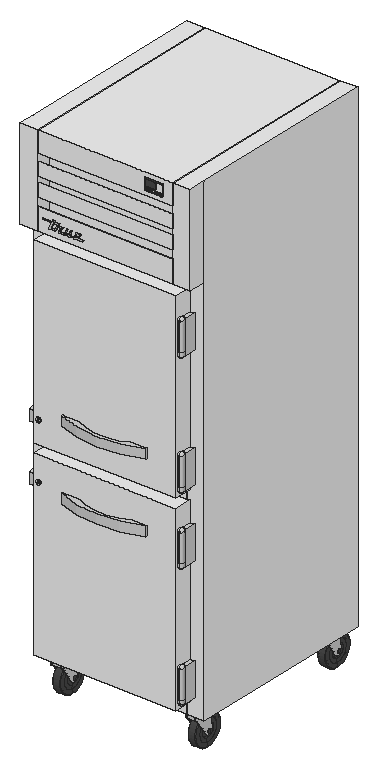
Revit family
Parameters
  Weight in Pounds = 0
  Watts = 1500 W
  Volts = 208 V
  URL Cutsheet = "www.truemfg.com"
  URL = "www.truemfg.com"
  Type Mark [instance] = ""
  Type Comments = ""
  Status [instance] = ""
  Specification by User [instance] = ""
  Specification by Manufacturer = ""
  Show Seismic Flanged [instance] = no
  Show Logo [instance] = yes
  Show Legs [instance] = no
  Show Clearance [instance] = yes
  Serial Number = ""
  Seismic Rating = ""
  Seismic Plate [instance] = and(Show Seismic Flanged, not(Show Casters))  # no
  SMACNA No = ""
  Revision Code [instance] = ""
  Phase = 1
  Omniclass Number and Title = ""
  Number of Poles [instance] = 1
  NAFEM Spec ID Number = ""
  Model = "STA1H-2HS"
  Min Ckt Ampacity = 0 A
  Max Overcurrent Protection = 0 A
  Masterspec = ""
  Manufacturer = "TRUE FOOD SERVICE EQUIPMENT, INC."
  Length = 27 1/2"
  Legs [instance] = or(Show Legs, Show Seismic Flanged)  # no
  Item Number [instance] = ""
  Installed By [instance] = ""
  Identify Quantity as Lot [instance] = yes
  Height = 77 3/4"
  HP = ""
  Furnished By [instance] = ""
  Foodservice Equipment Identifier [instance] = yes
  FL Amps = Watts / Volts  # 7.21154 A
  Electrical Remarks [instance] = ""
  Electric Connection Type [instance] = ""
  Elec Conn RI Height [instance] = 0"
  Elec Conn Connection Height [instance] = 0"
  Description = "Reach-in Solid Half Swing Door Heated Cabinet"
  Depth = 33 3/4"
  Cycle = 60 Hz
  Conn Plug = "6-15P"
  Conn Conduit = yes
  Show Casters [instance] = and(not(if(Show Legs, Show Legs, Show Legs)), not(if(Show Legs, Show Legs, Show Seismic Flanged)))  # yes
  CSI MasterFormat = ""
  CSI Master Format = ""
  Apparent Power = if(Phase = 3, Volts * FL Amps * 1.73, Volts * FL Amps)  # 1500 VA
Reference planes (in)
  plane 1 "BACK": y = 0
  plane 2: z = 0
  plane 3 "LEFT": x = 0
  plane 4 "RIGHT": x = 27.5
  plane 5 "FRONT": y = -33.75
  plane 6 "TOP": z = 84.125
  plane 7: z = 6.125
  plane 8: x = 2.84375
  plane 9: y = -33.7042
Forms (in)
  Extrusion 1, solid, material "QF_Finishes_Chrome - Satin"
    sketch origin (0.05, 0, 0) x (1, 0, 0) y (0, 1, 0)
      loop
        line (-0.05, 0) -> (-0.05, -31) -> (2.87859, -31) -> (2.87859, 0) -> (-0.05, 0)
    from 6.125 to 84.125
  Extrusion 2, solid, material "QF_Finishes_Chrome - Satin"
    sketch origin (50.15, 0, 0) x (1, 0, 0) y (0, 1, 0)
      loop
        line (-25.44375, 0) -> (-25.44375, -31) -> (-22.65, -31) -> (-22.65, 0) -> (-25.44375, 0)
    from 6.125 to 84.125
  Extrusion 3, solid, material "QF_Finishes_Chrome - Satin"
    sketch origin (0, 0, 0) x (0, 1, 0) y (0, 0, 1)
      loop
        line (-33.7042, 69.5) -> (-31, 69.5) -> (-31, 6.125) -> (0, 6.125) -> (0, 84.125) -> (-33.7042, 84.125) -> (-33.7042, 80.78078) -> (-31.5, 79.21352) -> (-31.5, 78.09125) -> (-33.7042, 79.65851) -> (-33.7042, 77.5248) -> (-31.5, 75.95754) -> (-31.5, 74.99678) -> (-33.7042, 76.56404) -> (-33.7042, 74.46784) -> (-31.5, 72.90057) -> (-31.5, 71.625) -> (-33.7042, 73.19226) -> (-33.7042, 69.5)
    from 2.92859 to 24.70625
  Extrusion 4, solid, material "QF_Finishes_Chrome - Satin"
    sketch origin (0, 0, 0) x (1, 0, 0) y (0, 1, 0)
      loop
        line (27.45312, -31) -> (24.70625, -31) -> (24.70625, -33.75) -> (27.45312, -33.75) -> (27.45312, -31)
    from 69.5 to 84.125
  Extrusion 5, solid, material "QF_Finishes_Chrome - Satin"
    sketch origin (-50.125, 0, 0.25) x (1, 0, 0) y (0, 1, 0)
      loop
        line (53.05359, -31) -> (50.17188, -31) -> (50.17188, -33.75) -> (53.05359, -33.75) -> (53.05359, -31)
    from 69.25 to 83.875
  Extrusion 6, solid, material "QF_Finishes_Chrome - Satin"
    sketch origin (-24.96875, 0, -0.71875) x (1, 0, 0) y (0, 0, 1)
      loop
        line (27.25, 8.75) -> (50.1875, 8.75) -> (50.1875, 37.96875) -> (27.25, 37.96875) -> (27.25, 8.75)
      loop
        line (27.25, 68.6875) -> (27.25, 39.46875) -> (50.1875, 39.46875) -> (50.1875, 68.6875) -> (27.25, 68.6875)
    from 31 to 33.75
  Extrusion 7, solid, material "QF_Finishes_Handrails and Railings"
    sketch origin (60.825, -0.25, 31.96644) x (1, 0, 0) y (0, 1, 0)
      loop
        line (-53.875, -33.5) -> (-53.875, -33.7)
        arc (-53.875, -33.7) -> (-47.075, -35.14405) -> (-40.275, -33.7) r 16.7325
        line (-40.275, -33.7) -> (-40.275, -33.5) -> (-42.675, -33.5)
        arc (-42.675, -33.5) -> (-47.075, -34.65816) -> (-51.475, -33.5) r 8.93715
        line (-51.475, -33.5) -> (-53.875, -33.5)
    from 10.87731 to 12.37731
  Extrusion 8, solid, material "QF_Finishes_Handrails and Railings"
    sketch origin (-23.375, 0, 2.25) x (1, 0, 0) y (0, 0, 1)
      loop
        circle (26.4375, 40.0625) r 0.35
      loop
        line (26.47265, 40.33635) -> (26.41715, 40.33635) -> (26.41715, 39.76895) -> (26.47265, 39.76895) -> (26.47265, 40.33635)
    from 33.5 to 33.83066
  Extrusion 9, solid, material "QF_Finishes_Handrails and Railings", visible <- "Show Logo"
    sketch origin (0.33478, 1.08173, -6.73143) x (1, 0, 0) y (0, 0, 1)
      loop
        line (3.46044, 78.46231) -> (3.35478, 78.23573) -> (4.76027, 78.23573)
        arc (4.76027, 78.23573) -> (4.78879, 78.18528) -> (4.76027, 78.13484) r 0.05887
        line (4.76027, 78.13484) -> (4.39369, 77.34872)
        arc (4.39369, 77.34872) -> (4.39051, 77.27591) -> (4.43975, 77.22217) r 0.09523
        line (4.43975, 77.22217) -> (5.33844, 77.22217)
        arc (5.33844, 77.22217) -> (5.45192, 77.25795) -> (5.52436, 77.35235) r 0.19785
        line (5.52436, 77.35235) -> (5.81285, 77.97101) -> (6.0779, 77.97101)
        arc (6.0779, 77.97101) -> (6.14744, 77.94543) -> (6.13737, 77.87203) r 0.05911
        line (6.13737, 77.87203) -> (5.89598, 77.35437)
        arc (5.89598, 77.35437) -> (5.89974, 77.2684) -> (5.97231, 77.22217) r 0.09318
        line (5.97231, 77.22217) -> (6.76198, 77.22217)
        arc (6.76198, 77.22217) -> (6.82249, 77.24419) -> (6.85468, 77.29995) r 0.09412
        arc (6.85468, 77.29995) -> (6.87746, 77.24495) -> (6.93246, 77.22217) r 0.07778
        line (6.93246, 77.22217) -> (7.43246, 77.22217)
        arc (7.43246, 77.22217) -> (7.49022, 77.23765) -> (7.53251, 77.27993) r 0.11552
        arc (7.53251, 77.27993) -> (7.55275, 77.23106) -> (7.60162, 77.21081) r 0.06912
        line (7.60162, 77.21081) -> (8.31225, 77.21081)
        arc (8.31225, 77.21081) -> (8.37034, 77.23488) -> (8.39441, 77.29297) r 0.08216
        arc (8.39441, 77.29297) -> (8.44767, 77.23972) -> (8.52042, 77.22022) r 0.14551
        line (8.52042, 77.22022) -> (9.85158, 77.22022) -> (9.99946, 77.47634) -> (8.65678, 77.47634)
        arc (8.65678, 77.47634) -> (8.61972, 77.50204) -> (8.61834, 77.54711) r 0.05009
        line (8.61834, 77.54711) -> (8.64157, 77.59692)
        arc (8.64157, 77.59692) -> (8.67723, 77.64364) -> (8.73327, 77.66135) r 0.09747
        line (8.73327, 77.66135) -> (9.16485, 77.66135)
        arc (9.16485, 77.66135) -> (9.258, 77.68631) -> (9.32619, 77.7545) r 0.1863
        line (9.32619, 77.7545) -> (9.45119, 77.97101)
        arc (9.45119, 77.97101) -> (9.45119, 78.08657) -> (9.35111, 78.14434) r 0.11556
        line (9.35111, 78.14434) -> (8.89562, 78.14434)
        arc (8.89562, 78.14434) -> (8.7795, 78.12462) -> (8.69849, 78.03912) r 0.18605
        line (8.69849, 78.03912) -> (8.48204, 77.57493)
        arc (8.48204, 77.57493) -> (8.41815, 77.49167) -> (8.31806, 77.46011) r 0.1745
        line (8.31806, 77.46011) -> (7.84559, 77.46011)
        arc (7.84559, 77.46011) -> (7.78903, 77.52184) -> (7.79268, 77.60548) r 0.10939
        line (7.79268, 77.60548) -> (8.04395, 78.14434) -> (7.88403, 78.14434) -> (7.61781, 77.57344)
        arc (7.61781, 77.57344) -> (7.56609, 77.50603) -> (7.48505, 77.48048) r 0.14128
        line (7.48505, 77.48048) -> (7.15925, 77.48048)
        arc (7.15925, 77.48048) -> (7.10419, 77.55223) -> (7.116, 77.64189) r 0.11816
        line (7.116, 77.64189) -> (7.3503, 78.14434) -> (7.18514, 78.14434) -> (6.91546, 77.566)
        arc (6.91546, 77.566) -> (6.85285, 77.50339) -> (6.76733, 77.48048) r 0.17104
        line (6.76733, 77.48048) -> (6.29555, 77.48048)
        arc (6.29555, 77.48048) -> (6.21082, 77.51999) -> (6.20267, 77.61313) r 0.0935
        line (6.20267, 77.61313) -> (6.35774, 77.94569) -> (6.57695, 77.94569)
        arc (6.57695, 77.94569) -> (6.61395, 78.05717) -> (6.69267, 78.14434) r 0.2857
        line (6.69267, 78.14434) -> (5.83605, 78.14434)
        arc (5.83605, 78.14434) -> (5.74086, 78.12324) -> (5.67498, 78.05135) r 0.16212
        line (5.67498, 78.05135) -> (5.44279, 77.55341)
        arc (5.44279, 77.55341) -> (5.3894, 77.50002) -> (5.31647, 77.48048) r 0.14586
        line (5.31647, 77.48048) -> (4.80506, 77.48048)
        arc (4.80506, 77.48048) -> (4.76514, 77.53442) -> (4.77274, 77.60109) r 0.09155
        line (4.77274, 77.60109) -> (5.11018, 78.23573) -> (5.96155, 78.23573) -> (6.06721, 78.46231) -> (5.21584, 78.46231) -> (5.32149, 78.68888) -> (5.01862, 78.68888) -> (4.91297, 78.46231) -> (3.46044, 78.46231)
      loop
        arc (8.83805, 77.93863) -> (8.80119, 77.92875) -> (8.7742, 77.90176) r 0.07373
        line (8.7742, 77.90176) -> (8.75229, 77.83436)
        arc (8.75229, 77.83436) -> (8.76245, 77.80983) -> (8.78699, 77.79966) r 0.0347
        line (8.78699, 77.79966) -> (9.15948, 77.79966)
        arc (9.15948, 77.79966) -> (9.18632, 77.80561) -> (9.20812, 77.82234) r 0.0635
        line (9.20812, 77.82234) -> (9.22624, 77.90622)
        arc (9.22624, 77.90622) -> (9.22091, 77.92868) -> (9.20009, 77.93863) r 0.02676
        line (9.20009, 77.93863) -> (8.83805, 77.93863)
    from 34.76797 to 34.83173
  Extrusion 10, solid, material "QF_Finishes_White"
    sketch origin (-23.16691, 1.06376, 1.58022) x (1, 0, 0) y (0, 0, 1)
      loop
        line (43.31732, 81.73227) -> (43.31732, 79.98496) -> (46.22357, 79.98496) -> (46.22357, 81.73227) -> (43.31732, 81.73227)
    from 34.75 to 34.76797
  Extrusion 11, solid, material "QF_Finishes_Black"
    sketch origin (-23.16691, 1.06376, 1.58022) x (1, 0, 0) y (0, 0, 1)
      loop
        line (46.28607, 81.79477) -> (43.25482, 81.79477) -> (43.25482, 79.92246) -> (46.28607, 79.92246) -> (46.28607, 81.79477)
      loop
        spline (43.45482, 80.25372) -> (43.46333, 80.23754) -> (43.48831, 80.22247) -> (43.52804, 80.20952) -> (43.57982, 80.19959) -> (43.64011, 80.19335) -> (43.70482, 80.19122) -> (43.76952, 80.19335) -> (43.82982, 80.19959) -> (43.88159, 80.20952) -> (43.92132, 80.22247) -> (43.9463, 80.23754) -> (43.95482, 80.25372)
        spline (43.95482, 80.25372) -> (43.9463, 80.26989) -> (43.92132, 80.28497) -> (43.88159, 80.29791) -> (43.82982, 80.30784) -> (43.76952, 80.31409) -> (43.70482, 80.31622) -> (43.64011, 80.31409) -> (43.57982, 80.30784) -> (43.52804, 80.29791) -> (43.48831, 80.28497) -> (43.46333, 80.26989) -> (43.45482, 80.25372)
      loop
        spline (44.15083, 80.25372) -> (44.15935, 80.23754) -> (44.18432, 80.22247) -> (44.22405, 80.20952) -> (44.27583, 80.19959) -> (44.33612, 80.19335) -> (44.40083, 80.19122) -> (44.46553, 80.19335) -> (44.52583, 80.19959) -> (44.57761, 80.20952) -> (44.61734, 80.22247) -> (44.64231, 80.23754) -> (44.65083, 80.25372)
        spline (44.65083, 80.25372) -> (44.64231, 80.26989) -> (44.61734, 80.28497) -> (44.57761, 80.29791) -> (44.52583, 80.30784) -> (44.46553, 80.31409) -> (44.40083, 80.31622) -> (44.33612, 80.31409) -> (44.27583, 80.30784) -> (44.22405, 80.29791) -> (44.18432, 80.28497) -> (44.15935, 80.26989) -> (44.15083, 80.25372)
      loop
        spline (44.90083, 80.25372) -> (44.90935, 80.23754) -> (44.93432, 80.22247) -> (44.97405, 80.20952) -> (45.02583, 80.19959) -> (45.08612, 80.19335) -> (45.15083, 80.19122) -> (45.21553, 80.19335) -> (45.27583, 80.19959) -> (45.32761, 80.20952) -> (45.36734, 80.22247) -> (45.39231, 80.23754) -> (45.40083, 80.25372)
        spline (45.40083, 80.25372) -> (45.39231, 80.26989) -> (45.36734, 80.28497) -> (45.32761, 80.29791) -> (45.27583, 80.30784) -> (45.21553, 80.31409) -> (45.15083, 80.31622) -> (45.08612, 80.31409) -> (45.02583, 80.30784) -> (44.97405, 80.29791) -> (44.93432, 80.28497) -> (44.90935, 80.26989) -> (44.90083, 80.25372)
      loop
        line (43.45481, 81.59478) -> (43.45481, 80.59478) -> (45.15433, 80.59478) -> (45.15433, 81.59478) -> (43.45481, 81.59478)
      loop
        line (46.22357, 81.73227) -> (43.31732, 81.73227) -> (43.31732, 79.98496) -> (46.22357, 79.98496) -> (46.22357, 81.73227)
      loop
        spline (45.65083, 80.25372) -> (45.65935, 80.23754) -> (45.68432, 80.22247) -> (45.72405, 80.20952) -> (45.77583, 80.19959) -> (45.83612, 80.19335) -> (45.90083, 80.19122) -> (45.96553, 80.19335) -> (46.02583, 80.19959) -> (46.07761, 80.20952) -> (46.11734, 80.22247) -> (46.14231, 80.23754) -> (46.15083, 80.25372)
        spline (46.15083, 80.25372) -> (46.14231, 80.26989) -> (46.11734, 80.28497) -> (46.07761, 80.29791) -> (46.02583, 80.30784) -> (45.96553, 80.31409) -> (45.90083, 80.31622) -> (45.83612, 80.31409) -> (45.77583, 80.30784) -> (45.72405, 80.29791) -> (45.68432, 80.28497) -> (45.65935, 80.26989) -> (45.65083, 80.25372)
    from 34.76797 to 34.80335
  Extrusion 12, solid
    sketch origin (-25.125, 0, 0) x (1, 0, 0) y (0, 0, 1)
      loop
        circle (49.375, 82) r 0.25
    from 0 to 0.0625
  Blend 13, solid, material "QF_Finishes_Handrails and Railings"
    base sketch origin (27.53125, 0, 4.25) x (-1, 0, 0) y (0, 0, -1)
      loop
        line (25.25, -38.99169) -> (26, -38.99169) -> (26, -37.24169) -> (25.25, -37.24169) -> (25.25, -38.99169)
    top sketch origin (27.53125, 0, 4.25) x (-1, 0, 0) y (0, 0, -1)
      loop
        line (26.18223, -36.6441) -> (25.25, -36.6441) -> (25.25, -39.42643) -> (26.18223, -39.42643) -> (26.18223, -36.6441)
    from 33.57883 to 31
  Extrusion 14, solid, material "QF_Finishes_Handrails and Railings"
    sketch origin (26.1875, 0, 0) x (0, 1, 0) y (0, 0, -1)
      loop
        line (-31, -64.55229) -> (-31, -59.23627) -> (-33.25, -59.23627) -> (-33.25, -59.94848) -> (-32.81497, -59.94848) -> (-32.81497, -64.34776)
        arc (-32.81497, -64.34776) -> (-32.75506, -64.49238) -> (-32.61044, -64.55229) r 0.20453
        line (-32.61044, -64.55229) -> (-31, -64.55229)
    from 0.17506 to 1
  Revolve 15, solid, material "QF_Finishes_Handrails and Railings"
    sketch origin (25.6875, 0, 0) x (0, 1, 0) y (0, 0, -1)
      loop
        line (-33.26563, -60.00189) -> (-33.67229, -60.00189) -> (-33.67229, -64.4736)
        arc (-33.67229, -64.4736) -> (-33.53722, -64.72557) -> (-33.26563, -64.81483) r 0.3848
        line (-33.26563, -64.81483) -> (-33.26563, -60.00189)
      loop
        line (-33.26563, -59.94848) -> (-33.26563, -59.04781)
        arc (-33.26563, -59.04781) -> (-33.53264, -59.13383) -> (-33.67229, -59.37712) r 0.38884
        line (-33.67229, -59.37712) -> (-33.67229, -59.94848) -> (-33.26563, -59.94848)
      axis (-33.26563, -59.04781) -> (-33.26563, -64.81483)
    angle from 0 to 360
  Extrusion 16, solid, material "QF_Finishes_Handrails and Railings"
    sketch origin (27.5, 0, 0) x (-1, 0, 0) y (0, 0, -1)
      loop
        line (1.91491, -64.4736) -> (2.3125, -64.4736) -> (2.3125, -60.00079) -> (1.91491, -60.00079) -> (1.91491, -64.4736)
    from 32.81497 to 33.59495
  Extrusion 17, solid, material "QF_Finishes_Handrails and Railings"
    sketch origin (26.1875, 0, -19.5) x (0, 1, 0) y (0, 0, -1)
      loop
        line (-31, -64.55229) -> (-31, -59.23627) -> (-33.25, -59.23627) -> (-33.25, -59.94848) -> (-32.81497, -59.94848) -> (-32.81497, -64.34776)
        arc (-32.81497, -64.34776) -> (-32.75506, -64.49238) -> (-32.61044, -64.55229) r 0.20453
        line (-32.61044, -64.55229) -> (-31, -64.55229)
    from 0.17506 to 1
  Revolve 18, solid, material "QF_Finishes_Handrails and Railings"
    sketch origin (25.6875, 0, -19.5) x (0, 1, 0) y (0, 0, -1)
      loop
        line (-33.26563, -60.00189) -> (-33.67229, -60.00189) -> (-33.67229, -64.4736)
        arc (-33.67229, -64.4736) -> (-33.53722, -64.72557) -> (-33.26563, -64.81483) r 0.3848
        line (-33.26563, -64.81483) -> (-33.26563, -60.00189)
      loop
        line (-33.26563, -59.94848) -> (-33.26563, -59.04781)
        arc (-33.26563, -59.04781) -> (-33.53264, -59.13383) -> (-33.67229, -59.37712) r 0.38884
        line (-33.67229, -59.37712) -> (-33.67229, -59.94848) -> (-33.26563, -59.94848)
      axis (-33.26563, -59.04781) -> (-33.26563, -64.81483)
    angle from 0 to 360
  Extrusion 19, solid, material "QF_Finishes_Handrails and Railings"
    sketch origin (27.5, 0, -19.5) x (-1, 0, 0) y (0, 0, -1)
      loop
        line (1.91491, -64.4736) -> (2.3125, -64.4736) -> (2.3125, -60.00079) -> (1.91491, -60.00079) -> (1.91491, -64.4736)
    from 32.81497 to 33.59495
  Extrusion 20, solid, material "QF_Finishes_Handrails and Railings"
    sketch origin (26.1875, 0, -30.5) x (0, 1, 0) y (0, 0, -1)
      loop
        line (-31, -64.55229) -> (-31, -59.23627) -> (-33.25, -59.23627) -> (-33.25, -59.94848) -> (-32.81497, -59.94848) -> (-32.81497, -64.34776)
        arc (-32.81497, -64.34776) -> (-32.75506, -64.49238) -> (-32.61044, -64.55229) r 0.20453
        line (-32.61044, -64.55229) -> (-31, -64.55229)
    from 0.17506 to 1
  Revolve 21, solid, material "QF_Finishes_Handrails and Railings"
    sketch origin (25.6875, 0, -30.5) x (0, 1, 0) y (0, 0, -1)
      loop
        line (-33.26563, -60.00189) -> (-33.67229, -60.00189) -> (-33.67229, -64.4736)
        arc (-33.67229, -64.4736) -> (-33.53722, -64.72557) -> (-33.26563, -64.81483) r 0.3848
        line (-33.26563, -64.81483) -> (-33.26563, -60.00189)
      loop
        line (-33.26563, -59.94848) -> (-33.26563, -59.04781)
        arc (-33.26563, -59.04781) -> (-33.53264, -59.13383) -> (-33.67229, -59.37712) r 0.38884
        line (-33.67229, -59.37712) -> (-33.67229, -59.94848) -> (-33.26563, -59.94848)
      axis (-33.26563, -59.04781) -> (-33.26563, -64.81483)
    angle from 0 to 360
  Extrusion 22, solid, material "QF_Finishes_Handrails and Railings"
    sketch origin (27.5, 0, -30.5) x (-1, 0, 0) y (0, 0, -1)
      loop
        line (1.91491, -64.4736) -> (2.3125, -64.4736) -> (2.3125, -60.00079) -> (1.91491, -60.00079) -> (1.91491, -64.4736)
    from 32.81497 to 33.59495
  Extrusion 23, solid, material "QF_Finishes_Handrails and Railings"
    sketch origin (26.1875, 0, -50.25) x (0, 1, 0) y (0, 0, -1)
      loop
        line (-31, -64.55229) -> (-31, -59.23627) -> (-33.25, -59.23627) -> (-33.25, -59.94848) -> (-32.81497, -59.94848) -> (-32.81497, -64.34776)
        arc (-32.81497, -64.34776) -> (-32.75506, -64.49238) -> (-32.61044, -64.55229) r 0.20453
        line (-32.61044, -64.55229) -> (-31, -64.55229)
    from 0.17506 to 1
  Revolve 24, solid, material "QF_Finishes_Handrails and Railings"
    sketch origin (25.6875, 0, -50.25) x (0, 1, 0) y (0, 0, -1)
      loop
        line (-33.26563, -60.00189) -> (-33.67229, -60.00189) -> (-33.67229, -64.4736)
        arc (-33.67229, -64.4736) -> (-33.53722, -64.72557) -> (-33.26563, -64.81483) r 0.3848
        line (-33.26563, -64.81483) -> (-33.26563, -60.00189)
      loop
        line (-33.26563, -59.94848) -> (-33.26563, -59.04781)
        arc (-33.26563, -59.04781) -> (-33.53264, -59.13383) -> (-33.67229, -59.37712) r 0.38884
        line (-33.67229, -59.37712) -> (-33.67229, -59.94848) -> (-33.26563, -59.94848)
      axis (-33.26563, -59.04781) -> (-33.26563, -64.81483)
    angle from 0 to 360
  Extrusion 25, solid, material "QF_Finishes_Handrails and Railings"
    sketch origin (27.5, 0, -50.25) x (-1, 0, 0) y (0, 0, -1)
      loop
        line (1.91491, -64.4736) -> (2.3125, -64.4736) -> (2.3125, -60.00079) -> (1.91491, -60.00079) -> (1.91491, -64.4736)
    from 32.81497 to 33.59495
  Revolve 26, solid, material "QF_Finishes_Black", visible <- "Show Casters"
    sketch origin (22.65625, -27.375, 0) x (1, 0, 0) y (0, 0, 1)
      loop
        line (1.475, 5) -> (1.375, 4.9) -> (1.375, 4.29941) -> (1.53601, 4.29941) -> (1.53601, 3.54941) -> (1.375, 3.54941) -> (1.375, 2.79941) -> (0.975, 2.79941) -> (0.975, 2.5) -> (3.025, 2.5) -> (3.025, 2.79941) -> (2.62908, 2.79941) -> (2.62908, 3.54941) -> (2.46399, 3.54941) -> (2.46399, 4.29941) -> (2.62908, 4.29941) -> (2.62908, 4.89592) -> (2.525, 5) -> (1.475, 5)
      axis (3.025, 2.5) -> (0.975, 2.5)
    angle from 0 to 360
  Extrusion 27, solid, material "QF_Finishes_Handrails and Railings", visible <- "Show Casters"
    sketch origin (22.5625, 0, 0) x (0, 1, 0) y (0, 0, 1)
      loop
        line (-29.95136, 5.48574) -> (-29.95136, 4.88089) -> (-29.70136, 4.88089) -> (-27.95216, 2.18736)
        arc (-27.95216, 2.18736) -> (-27.23883, 1.94868) -> (-26.84581, 2.59003) r 0.60416
        line (-26.84581, 2.59003) -> (-27.20136, 5.48574) -> (-29.95136, 5.48574)
      loop
        line (-3.8577, 5.48574) -> (-3.8577, 4.88089) -> (-3.6077, 4.88089) -> (-1.8585, 2.18736)
        arc (-1.8585, 2.18736) -> (-1.14517, 1.94868) -> (-0.75215, 2.59003) r 0.60416
        line (-0.75215, 2.59003) -> (-1.1077, 5.48574) -> (-3.8577, 5.48574)
    from 1.175 to 1.325
  Extrusion 28, solid, material "QF_Finishes_Handrails and Railings", visible <- "Show Casters"
    sketch origin (24.0625, 0, 0) x (0, 1, 0) y (0, 0, 1)
      loop
        line (-29.95136, 5.48574) -> (-29.95136, 4.88089) -> (-29.70136, 4.88089) -> (-27.95216, 2.18736)
        arc (-27.95216, 2.18736) -> (-27.23883, 1.94868) -> (-26.84581, 2.59003) r 0.60416
        line (-26.84581, 2.59003) -> (-27.20136, 5.48574) -> (-29.95136, 5.48574)
      loop
        line (-3.8577, 5.48574) -> (-3.8577, 4.88089) -> (-3.6077, 4.88089) -> (-1.8585, 2.18736)
        arc (-1.8585, 2.18736) -> (-1.14517, 1.94868) -> (-0.75215, 2.59003) r 0.60416
        line (-0.75215, 2.59003) -> (-1.1077, 5.48574) -> (-3.8577, 5.48574)
    from 1.175 to 1.325
  Revolve 29, solid, material "QF_Finishes_Chrome - Satin", visible <- "Show Casters"
    sketch origin (22.65625, -28.5625, -0.5) x (1, 0, 0) y (0, 0, 1)
      loop
        line (2, 5.99546) -> (2, 6.62359) -> (0.70293, 6.62359) -> (0.70293, 5.99546) -> (2, 5.99546)
      axis (2, 5.99546) -> (2, 6.62359)
    angle from 0 to 360
  Revolve 30, solid, material "QF_Finishes_Chrome - Satin", visible <- "Legs"
    sketch origin (22.65625, -2.69102, 0) x (1, 0, 0) y (0, 0, 1)
      loop
        line (2, 6.125) -> (0.66662, 6.125) -> (1.25, 1) -> (1.5, 1) -> (1.5, 0) -> (2, 0) -> (2, 6.125)
      axis (2, 0) -> (2, 6.125)
    angle from 0 to 360
  Revolve 31, solid, material "QF_Finishes_Chrome - Satin", visible <- "Legs"
    sketch origin (22.65625, -28.65977, 0) x (1, 0, 0) y (0, 0, 1)
      loop
        line (2, 6.125) -> (0.66662, 6.125) -> (1.25, 1) -> (1.5, 1) -> (1.5, 0) -> (2, 0) -> (2, 6.125)
      axis (2, 0) -> (2, 6.125)
    angle from 0 to 360
  Revolve 32, solid, material "QF_Finishes_Chrome - Satin", visible <- "Show Casters"
    sketch origin (22.65625, -2.70321, -0.5) x (1, 0, 0) y (0, 0, 1)
      loop
        line (2, 5.99546) -> (2, 6.62359) -> (0.70293, 6.62359) -> (0.70293, 5.99546) -> (2, 5.99546)
      axis (2, 5.99546) -> (2, 6.62359)
    angle from 0 to 360
  Extrusion 33, solid, material "QF_Finishes_Handrails and Railings", visible <- "Show Casters"
    sketch origin (-25.21875, 0, 0) x (0, 1, 0) y (0, 0, 1)
      loop
        line (-29.95136, 5.48574) -> (-29.95136, 4.88089) -> (-29.70136, 4.88089) -> (-27.16533, 5.19227) -> (-27.20136, 5.48574) -> (-29.95136, 5.48574)
      loop
        line (-3.8577, 5.48574) -> (-3.8577, 4.88089) -> (-3.6077, 4.88089) -> (-1.07167, 5.19227) -> (-1.1077, 5.48574) -> (-3.8577, 5.48574)
    from 49.10625 to 50.45625
  Revolve 34, solid, material "QF_Finishes_Black", visible <- "Show Casters"
    sketch origin (22.65625, -1.21875, 0) x (1, 0, 0) y (0, 0, 1)
      loop
        line (1.475, 5) -> (1.375, 4.9) -> (1.375, 4.29941) -> (1.53601, 4.29941) -> (1.53601, 3.54941) -> (1.375, 3.54941) -> (1.375, 2.79941) -> (0.975, 2.79941) -> (0.975, 2.5) -> (3.025, 2.5) -> (3.025, 2.79941) -> (2.62908, 2.79941) -> (2.62908, 3.54941) -> (2.46399, 3.54941) -> (2.46399, 4.29941) -> (2.62908, 4.29941) -> (2.62908, 4.89592) -> (2.525, 5) -> (1.475, 5)
      axis (3.025, 2.5) -> (0.975, 2.5)
    angle from 0 to 360
  Revolve 35, solid, material "QF_Finishes_Black", visible <- "Show Casters"
    sketch origin (0.84375, -27.375, 0) x (1, 0, 0) y (0, 0, 1)
      loop
        line (1.475, 5) -> (1.375, 4.9) -> (1.375, 4.29941) -> (1.53601, 4.29941) -> (1.53601, 3.54941) -> (1.375, 3.54941) -> (1.375, 2.79941) -> (0.975, 2.79941) -> (0.975, 2.5) -> (3.025, 2.5) -> (3.025, 2.79941) -> (2.62908, 2.79941) -> (2.62908, 3.54941) -> (2.46399, 3.54941) -> (2.46399, 4.29941) -> (2.62908, 4.29941) -> (2.62908, 4.89592) -> (2.525, 5) -> (1.475, 5)
      axis (3.025, 2.5) -> (0.975, 2.5)
    angle from 0 to 360
  Extrusion 36, solid, material "QF_Finishes_Handrails and Railings", visible <- "Show Casters"
    sketch origin (0.84375, 0, 0) x (0, 1, 0) y (0, 0, 1)
      loop
        line (-29.95136, 5.48574) -> (-29.95136, 4.88089) -> (-29.70136, 4.88089) -> (-27.95216, 2.18736)
        arc (-27.95216, 2.18736) -> (-27.23883, 1.94868) -> (-26.84581, 2.59003) r 0.60416
        line (-26.84581, 2.59003) -> (-27.20136, 5.48574) -> (-29.95136, 5.48574)
      loop
        line (-3.8577, 5.48574) -> (-3.8577, 4.88089) -> (-3.6077, 4.88089) -> (-1.8585, 2.18736)
        arc (-1.8585, 2.18736) -> (-1.14517, 1.94868) -> (-0.75215, 2.59003) r 0.60416
        line (-0.75215, 2.59003) -> (-1.1077, 5.48574) -> (-3.8577, 5.48574)
    from 1.175 to 1.325
  Extrusion 37, solid, material "QF_Finishes_Handrails and Railings", visible <- "Show Casters"
    sketch origin (2.34375, 0, 0) x (0, 1, 0) y (0, 0, 1)
      loop
        line (-29.95136, 5.48574) -> (-29.95136, 4.88089) -> (-29.70136, 4.88089) -> (-27.95216, 2.18736)
        arc (-27.95216, 2.18736) -> (-27.23883, 1.94868) -> (-26.84581, 2.59003) r 0.60416
        line (-26.84581, 2.59003) -> (-27.20136, 5.48574) -> (-29.95136, 5.48574)
      loop
        line (-3.8577, 5.48574) -> (-3.8577, 4.88089) -> (-3.6077, 4.88089) -> (-1.8585, 2.18736)
        arc (-1.8585, 2.18736) -> (-1.14517, 1.94868) -> (-0.75215, 2.59003) r 0.60416
        line (-0.75215, 2.59003) -> (-1.1077, 5.48574) -> (-3.8577, 5.48574)
    from 1.175 to 1.325
  Revolve 38, solid, material "QF_Finishes_Chrome - Satin", visible <- "Show Casters"
    sketch origin (0.84375, -28.5625, -0.5) x (1, 0, 0) y (0, 0, 1)
      loop
        line (2, 5.99546) -> (2, 6.62359) -> (0.70293, 6.62359) -> (0.70293, 5.99546) -> (2, 5.99546)
      axis (2, 5.99546) -> (2, 6.62359)
    angle from 0 to 360
  Revolve 39, solid, material "QF_Finishes_Chrome - Satin", visible <- "Legs"
    sketch origin (0.84375, -2.69102, 0) x (1, 0, 0) y (0, 0, 1)
      loop
        line (2, 6.125) -> (0.66662, 6.125) -> (1.25, 1) -> (1.5, 1) -> (1.5, 0) -> (2, 0) -> (2, 6.125)
      axis (2, 0) -> (2, 6.125)
    angle from 0 to 360
  Revolve 40, solid, material "QF_Finishes_Chrome - Satin", visible <- "Legs"
    sketch origin (0.84375, -28.65977, 0) x (1, 0, 0) y (0, 0, 1)
      loop
        line (2, 6.125) -> (0.66662, 6.125) -> (1.25, 1) -> (1.5, 1) -> (1.5, 0) -> (2, 0) -> (2, 6.125)
      axis (2, 0) -> (2, 6.125)
    angle from 0 to 360
  Revolve 41, solid, material "QF_Finishes_Chrome - Satin", visible <- "Show Casters"
    sketch origin (0.84375, -2.70321, -0.5) x (1, 0, 0) y (0, 0, 1)
      loop
        line (2, 5.99546) -> (2, 6.62359) -> (0.70293, 6.62359) -> (0.70293, 5.99546) -> (2, 5.99546)
      axis (2, 5.99546) -> (2, 6.62359)
    angle from 0 to 360
  Extrusion 42, solid, material "QF_Finishes_Handrails and Railings", visible <- "Show Casters"
    sketch origin (-46.9375, 0, 0) x (0, 1, 0) y (0, 0, 1)
      loop
        line (-29.95136, 5.48574) -> (-29.95136, 4.88089) -> (-29.70136, 4.88089) -> (-27.16533, 5.19227) -> (-27.20136, 5.48574) -> (-29.95136, 5.48574)
      loop
        line (-3.8577, 5.48574) -> (-3.8577, 4.88089) -> (-3.6077, 4.88089) -> (-1.07167, 5.19227) -> (-1.1077, 5.48574) -> (-3.8577, 5.48574)
    from 49.10625 to 50.45625
  Revolve 43, solid, material "QF_Finishes_Black", visible <- "Show Casters"
    sketch origin (0.84375, -1.21875, 0) x (1, 0, 0) y (0, 0, 1)
      loop
        line (1.475, 5) -> (1.375, 4.9) -> (1.375, 4.29941) -> (1.53601, 4.29941) -> (1.53601, 3.54941) -> (1.375, 3.54941) -> (1.375, 2.79941) -> (0.975, 2.79941) -> (0.975, 2.5) -> (3.025, 2.5) -> (3.025, 2.79941) -> (2.62908, 2.79941) -> (2.62908, 3.54941) -> (2.46399, 3.54941) -> (2.46399, 4.29941) -> (2.62908, 4.29941) -> (2.62908, 4.89592) -> (2.525, 5) -> (1.475, 5)
      axis (3.025, 2.5) -> (0.975, 2.5)
    angle from 0 to 360
  Extrusion 44, solid, material "QF_Finishes_Door Clearance", visible <- "Show Clearance", detail levels coarse
    sketch origin (26.42841, -3.6098, 0) x (1, 0, 0) y (0, 1, 0)
      loop
        line (-1.20966, -30.1402) -> (-24.14716, -30.1402)
        arc (-24.14716, -30.1402) -> (-17.42892, -46.35946) -> (-1.20966, -53.0777) r 22.9375
        line (-1.20966, -53.0777) -> (-1.20966, -30.1402)
    from 38.75 to 67.96875
  Extrusion 45, solid, material "QF_Finishes_Chrome - Satin", visible <- "Seismic Plate"
    sketch origin (-0.22541, -26.96562, 0) x (1, 0, 0) y (0, 1, 0)
      loop
        circle (3.06916, -1.69416) r 1.5
    from 0 to 0.25
  Extrusion 46, solid, material "QF_Finishes_Chrome - Satin", visible <- "Seismic Plate"
    sketch origin (-0.22541, -0.99687, 0) x (1, 0, 0) y (0, 1, 0)
      loop
        circle (3.06916, -1.69416) r 1.5
    from 0 to 0.25
  Extrusion 47, solid, material "QF_Finishes_Chrome - Satin", visible <- "Seismic Plate"
    sketch origin (21.49334, -0.99687, 0) x (1, 0, 0) y (0, 1, 0)
      loop
        circle (3.16291, -1.69416) r 1.5
    from 0 to 0.25
  Extrusion 48, solid, material "QF_Finishes_Chrome - Satin", visible <- "Seismic Plate"
    sketch origin (21.49334, -26.96562, 0) x (1, 0, 0) y (0, 1, 0)
      loop
        circle (3.16291, -1.69416) r 1.5
    from 0 to 0.25
  Extrusion 49, solid, material "QF_Finishes_Handrails and Railings"
    sketch origin (-23.375, 0, 73.375) x (1, 0, 0) y (0, 0, 1)
      loop
        circle (26.4375, -40.0625) r 0.35
      loop
        line (26.47265, -40.33635) -> (26.47265, -39.76895) -> (26.41715, -39.76895) -> (26.41715, -40.33635) -> (26.47265, -40.33635)
    from 33.5 to 33.83066
  Blend 50, solid, material "QF_Finishes_Handrails and Railings"
    base sketch origin (27.53125, 0, 71.375) x (-1, 0, 0) y (0, 0, -1)
      loop
        line (25.25, 38.99169) -> (25.25, 37.24169) -> (26, 37.24169) -> (26, 38.99169) -> (25.25, 38.99169)
    top sketch origin (27.53125, 0, 71.375) x (-1, 0, 0) y (0, 0, -1)
      loop
        line (26.18223, 36.6441) -> (26.18223, 39.42643) -> (25.25, 39.42643) -> (25.25, 36.6441) -> (26.18223, 36.6441)
    from 33.57883 to 31
  Extrusion 51, solid, material "QF_Finishes_Handrails and Railings"
    sketch origin (60.825, -0.25, 20.77894) x (1, 0, 0) y (0, 1, 0)
      loop
        line (-53.875, -33.5) -> (-53.875, -33.7)
        arc (-53.875, -33.7) -> (-47.075, -35.14405) -> (-40.275, -33.7) r 16.7325
        line (-40.275, -33.7) -> (-40.275, -33.5) -> (-42.675, -33.5)
        arc (-42.675, -33.5) -> (-47.075, -34.65816) -> (-51.475, -33.5) r 8.93715
        line (-51.475, -33.5) -> (-53.875, -33.5)
    from 10.87731 to 12.37731
  Extrusion 52, solid, material "QF_Finishes_Door Clearance", visible <- "Show Clearance", detail levels coarse
    sketch origin (26.42841, -3.6098, -30.71875) x (1, 0, 0) y (0, 1, 0)
      loop
        arc (-24.14716, -30.1402) -> (-17.42892, -46.35946) -> (-1.20966, -53.0777) r 22.9375
        line (-1.20966, -53.0777) -> (-1.20966, -30.1402) -> (-24.14716, -30.1402)
    from 38.75 to 67.96875
Cuts and joins
  joined: Extrusion 1, Extrusion 2, Extrusion 4, Extrusion 5
Lines and regions (in)
  symbolic lines
    curve 1: line (0, 0, 0) -> (27.5, 0, 0)
    curve 2: line (0, -33.75, 0) -> (0, 0, 0)
    curve 3: line (27.5, -33.75, 0) -> (0, -33.75, 0)
    curve 4: line (27.5, 0, 0) -> (27.5, -33.75, 0)
    curve 5: line (27.5, -31.5, 0) -> (0, -31.5, 0)
    curve 22: arc (18.20746, -33.75, 0) -> (13.80746, -34.90816, 0) -> (9.40746, -33.75, 0) r 8.93715
    curve 23: arc (7.00746, -33.95, 0) -> (13.80746, -35.39405, 0) -> (20.60746, -33.95, 0) r 16.7325
    curve 24: line (7.00746, -33.75, 0) -> (7.00746, -33.95, 0)
    curve 25: line (20.60746, -33.95, 0) -> (20.60746, -33.75, 0)
  symbolic lines, style "SpecialityEquipmentHiddenLines", visible <- "Show Casters"
    curve 6: line (3.82597, -24.4208, 0) -> (5.12501, -25.1708, 0)
    curve 7: line (1.20097, -28.96743, 0) -> (3.82597, -24.4208, 0)
    curve 8: line (2.50001, -29.71743, 0) -> (1.20097, -28.96743, 0)
    curve 9: line (5.12501, -25.1708, 0) -> (2.50001, -29.71743, 0)
    curve 10: line (3.82597, -0.4208, 0) -> (5.12501, -1.1708, 0)
    curve 11: line (1.20097, -4.96743, 0) -> (3.82597, -0.4208, 0)
    curve 12: line (2.50001, -5.71743, 0) -> (1.20097, -4.96743, 0)
    curve 13: line (5.12501, -1.1708, 0) -> (2.50001, -5.71743, 0)
    curve 14: line (24.73343, -0.4208, 0) -> (26.03247, -1.1708, 0)
    curve 15: line (22.10843, -4.96743, 0) -> (24.73343, -0.4208, 0)
    curve 16: line (23.40747, -5.71743, 0) -> (22.10843, -4.96743, 0)
    curve 17: line (26.03247, -1.1708, 0) -> (23.40747, -5.71743, 0)
    curve 18: line (24.82718, -24.52487, 0) -> (26.12622, -25.27487, 0)
    curve 19: line (22.20218, -29.07151, 0) -> (24.82718, -24.52487, 0)
    curve 20: line (23.50122, -29.82151, 0) -> (22.20218, -29.07151, 0)
    curve 21: line (26.12622, -25.27487, 0) -> (23.50122, -29.82151, 0)
  symbolic lines, style "QF-Door Swings", visible <- "Show Clearance", detail levels coarse
    curve 26: line (25.21875, -33.75, 0) -> (25.21875, -56.6875, 0)
    curve 27: arc (25.21875, -56.6875, 0) -> (8.99949, -49.96926, 0) -> (2.28125, -33.75, 0) r 22.9375
Dimensions and locks (in)
  "Depth": plane 5 "FRONT" to plane 1 "BACK"
  plane 7 to level = 6 1/8"
  plane 6 "TOP" to level = 84 1/8"
  plane 6 "TOP" to plane 7 = 78"
  plane 6 "TOP" to cut or joined group of Extrusion 1, Extrusion 2, Extrusion 4, Extrusion 5 = 14 5/8"
  Extrusion 6 sketch curve to Extrusion 6 sketch curve = 22 15/16"
  Extrusion 6 to plane 1 "BACK" = 33 3/4"
  "Length": plane 3 "LEFT" to plane 4 "RIGHT"
  plane 4 "RIGHT" to plane 3 "LEFT" = 27 1/2"
  locked: Extrusion 6 to Extrusion 52 at 22.9375
  Extrusion 52 to Extrusion 51 = 4 3/32"
  Extrusion 7 to Extrusion 44 = 4 3/32"
  cut or joined group of Extrusion 1, Extrusion 2, Extrusion 4, Extrusion 5 to cut or joined group of Extrusion 1, Extrusion 2, Extrusion 4, Extrusion 5 = 27 13/32"
  aligned and locked: level to plane 2
Automatic sketch dimensions
  plane 1 "BACK" to curve 1 = 0"
  curve 1 to plane 3 "LEFT" = 0"
  plane 5 "FRONT" to curve 27 = 0"
  curve 3 to plane 4 "RIGHT" = 0"
  plane 3 "LEFT" to curve 11 = 1.20097"
  plane 3 "LEFT" to curve 8 = 1.20097"
  curve 27 to plane 8 = 9/16"
  curve 13 to plane 8 = 11/32"
  curve 8 to plane 8 = 11/32"
  plane 1 "BACK" to curve 11 = 0.4208"
  plane 8 to curve 11 = 0.98222"
  plane 8 to curve 7 = 0.98222"
  plane 5 "FRONT" to curve 23 = 0.2"
  plane 8 to curve 23 = 4.16371"
  curve 24 to curve 22 = 2.4"
  plane 8 to curve 23 = 10.96371"
  curve 6 to curve 22 = 8.68246"
  plane 5 "FRONT" to curve 25 = 0.2"
  curve 16 to plane 4 "RIGHT" = 5.39157"
  curve 19 to plane 4 "RIGHT" = 5.29782"
  curve 15 to curve 17 = 1.29904"
  curve 19 to curve 21 = 1.29904"
  plane 1 "BACK" to curve 15 = 0.4208"
  curve 15 to plane 4 "RIGHT" = 2.76657"
  curve 18 to plane 4 "RIGHT" = 2.67282"
  curve 27 to plane 4 "RIGHT" = 2 9/32"
  curve 5 to plane 5 "FRONT" = 2 1/4"
  curve 21 to plane 5 "FRONT" = 3.92849"
  curve 5 to curve 8 = 1.78257"
  curve 20 to curve 20 = 3/4"
  curve 8 to curve 7 = 3/4"
  curve 22 to curve 6 = 0.80021"
  curve 22 to curve 23 = 7.30945"
  curve 12 to curve 10 = 5.29663"
  curve 16 to curve 14 = 5.29663"
  Extrusion 1 sketch curve to plane 3 "LEFT" = 0"
  plane 1 "BACK" to Extrusion 1 sketch curve = 0"
  plane 8 to Extrusion 1 sketch curve = 0.08484"
  Extrusion 1 sketch curve to plane 5 "FRONT" = 2 3/4"
  plane 1 "BACK" to Extrusion 2 sketch curve = 0"
  Extrusion 2 sketch curve to plane 4 "RIGHT" = 0"
  Extrusion 2 sketch curve to plane 4 "RIGHT" = 2.79375"
  Extrusion 2 sketch curve to plane 5 "FRONT" = 2 3/4"
  Extrusion 3 sketch curve to plane 9 = 0"  (x4)
  Extrusion 3 sketch curve to plane 6 "TOP" = 0"
  plane 9 to Extrusion 3 sketch curve = 2.2042"  (x2)
  Extrusion 3 sketch curve to Extrusion 3 sketch curve = 0"
  Extrusion 3 sketch curve to Extrusion 3 sketch curve = 1/2"
  plane 1 "BACK" to Extrusion 3 sketch curve = 0"
  Extrusion 3 sketch curve to plane 6 "TOP" = 3.34422"
  Extrusion 3 sketch curve to Extrusion 3 sketch curve = 1.12227"  (x2)
  Extrusion 3 sketch curve to Extrusion 3 sketch curve = 0.445"
  Extrusion 3 sketch curve to Extrusion 3 sketch curve = 2.13371"  (x2)
  Extrusion 3 sketch curve to Extrusion 3 sketch curve = 0.96076"  (x2)
  Extrusion 3 sketch curve to Extrusion 3 sketch curve = 2.0962"  (x2)
  Extrusion 3 sketch curve to Extrusion 3 sketch curve = 1.27557"  (x2)
  Extrusion 3 sketch curve to Extrusion 3 sketch curve = 2 1/8"
  Extrusion 3 sketch curve to plane 7 = 0"
  plane 5 "FRONT" to Extrusion 4 sketch curve = 0"
  Extrusion 4 sketch curve to plane 4 "RIGHT" = 2.79375"
  Extrusion 4 sketch curve to plane 4 "RIGHT" = 3/64"
  Extrusion 4 sketch curve to plane 5 "FRONT" = 2 3/4"
  plane 5 "FRONT" to Extrusion 5 sketch curve = 0"
  plane 3 "LEFT" to Extrusion 5 sketch curve = 3/64"
  plane 8 to Extrusion 5 sketch curve = 0.08484"
  Extrusion 5 sketch curve to plane 5 "FRONT" = 2 3/4"
  plane 5 "FRONT" to Extrusion 7 sketch curve = 0"  (x2)
  plane 8 to Extrusion 7 sketch curve = 4.10625"
  Extrusion 7 sketch curve to Extrusion 7 sketch curve = 2.4"  (x2)
  plane 8 to Extrusion 7 sketch curve = 10 29/32"
  Extrusion 7 sketch curve to Extrusion 7 sketch curve = 0"
  Extrusion 7 sketch curve to Extrusion 7 sketch curve = 0.2"
  Extrusion 7 sketch curve to plane 5 "FRONT" = 7.77899"
  Extrusion 7 sketch curve to Extrusion 7 sketch curve = 7.30945"
  plane 8 to Extrusion 8 sketch curve = 0.1984"
  plane 8 to Extrusion 8 sketch curve = 7/32"
  Extrusion 8 sketch curve to Extrusion 8 sketch curve = 0.0555"
  plane 7 to Extrusion 8 sketch curve = 35.89395"
  Extrusion 8 sketch curve to Extrusion 8 sketch curve = 0.29355"
  Extrusion 8 sketch curve to Extrusion 8 sketch curve = 0.27385"
  plane 8 to Extrusion 9 sketch curve = 0.84582"
  Extrusion 9 sketch curve to Extrusion 9 sketch curve = 0.10565"  (x5)
  Extrusion 9 sketch curve to Extrusion 9 sketch curve = 1.03891"
  Extrusion 9 sketch curve to Extrusion 9 sketch curve = 0.04606"
  Extrusion 9 sketch curve to Extrusion 9 sketch curve = 0.04025"
  Extrusion 9 sketch curve to Extrusion 9 sketch curve = 0.33624"
  Extrusion 9 sketch curve to Extrusion 9 sketch curve = 0.03034"  (x2)
  Extrusion 9 sketch curve to Extrusion 9 sketch curve = 0.29274"
  Extrusion 9 sketch curve to Extrusion 9 sketch curve = 0.03232"
  Extrusion 9 sketch curve to Extrusion 9 sketch curve = 0.08083"
  Extrusion 9 sketch curve to Extrusion 9 sketch curve = 0.1527"
  Extrusion 9 sketch curve to Extrusion 9 sketch curve = 0.19721"
  Extrusion 9 sketch curve to Extrusion 9 sketch curve = 0.4629"
  Extrusion 9 sketch curve to Extrusion 9 sketch curve = 0.02197"
  Extrusion 9 sketch curve to Extrusion 9 sketch curve = 0.12632"
  Extrusion 9 sketch curve to Extrusion 9 sketch curve = 0.18591"
  Extrusion 9 sketch curve to Extrusion 9 sketch curve = 0.2322"
  Extrusion 9 sketch curve to Extrusion 9 sketch curve = 0.13786"
  Extrusion 9 sketch curve to Extrusion 9 sketch curve = 0.00907"
  Extrusion 9 sketch curve to Extrusion 9 sketch curve = 0.01413"
  Extrusion 9 sketch curve to Extrusion 9 sketch curve = 0.37162"
  Extrusion 9 sketch curve to Extrusion 9 sketch curve = 0.12551"
  Extrusion 9 sketch curve to Extrusion 9 sketch curve = 0.07633"
  Extrusion 9 sketch curve to Extrusion 9 sketch curve = 0.08445"
  Extrusion 9 sketch curve to Extrusion 9 sketch curve = 0.25598"
  Extrusion 9 sketch curve to Extrusion 9 sketch curve = 0.01887"
  Extrusion 9 sketch curve to Extrusion 9 sketch curve = 0.04061"
  Extrusion 9 sketch curve to Extrusion 9 sketch curve = 0.0653"
  Extrusion 9 sketch curve to Extrusion 9 sketch curve = 0.08474"
  Extrusion 9 sketch curve to Extrusion 9 sketch curve = 0.00815"
  Extrusion 9 sketch curve to Extrusion 9 sketch curve = 0.22037"
  Extrusion 9 sketch curve to Extrusion 9 sketch curve = 0.21921"
  Extrusion 9 sketch curve to Extrusion 9 sketch curve = 0.11572"
  Extrusion 9 sketch curve to Extrusion 9 sketch curve = 0.46643"
  Extrusion 9 sketch curve to Extrusion 9 sketch curve = 0.00535"
  Extrusion 9 sketch curve to Extrusion 9 sketch curve = 0.09269"
  Extrusion 9 sketch curve to Extrusion 9 sketch curve = 0.09348"
  Extrusion 9 sketch curve to Extrusion 9 sketch curve = 0.14812"
  Extrusion 9 sketch curve to Extrusion 9 sketch curve = 0.07778"  (x3)
  Extrusion 9 sketch curve to Extrusion 9 sketch curve = 0.20054"
  Extrusion 9 sketch curve to Extrusion 9 sketch curve = 0.04325"
  Extrusion 9 sketch curve to Extrusion 9 sketch curve = 0.32433"
  Extrusion 9 sketch curve to Extrusion 9 sketch curve = 0.10233"  (x2)
  Extrusion 9 sketch curve to Extrusion 9 sketch curve = 0.16515"
  Extrusion 9 sketch curve to Extrusion 9 sketch curve = 0.27321"
  Extrusion 9 sketch curve to Extrusion 9 sketch curve = 0.0526"
  Extrusion 9 sketch curve to Extrusion 9 sketch curve = 0.10005"
  Extrusion 9 sketch curve to Extrusion 9 sketch curve = 0.06912"
  Extrusion 9 sketch curve to Extrusion 9 sketch curve = 0.13276"
  Extrusion 9 sketch curve to Extrusion 9 sketch curve = 0.17486"
  Extrusion 9 sketch curve to Extrusion 9 sketch curve = 0.05291"
  Extrusion 9 sketch curve to Extrusion 9 sketch curve = 0.53374"
  Extrusion 9 sketch curve to Extrusion 9 sketch curve = 0.09914"  (x2)
  Extrusion 9 sketch curve to Extrusion 9 sketch curve = 0.15992"
  Extrusion 9 sketch curve to Extrusion 9 sketch curve = 0.46666"
  Extrusion 9 sketch curve to Extrusion 9 sketch curve = 0.00582"
  Extrusion 9 sketch curve to Extrusion 9 sketch curve = 0.08216"
  Extrusion 9 sketch curve to Extrusion 9 sketch curve = 0.16397"
  Extrusion 9 sketch curve to Extrusion 9 sketch curve = 0.12601"
  Extrusion 9 sketch curve to Extrusion 9 sketch curve = 0.1363"
  Extrusion 9 sketch curve to Extrusion 9 sketch curve = 0.02323"
  Extrusion 9 sketch curve to Extrusion 9 sketch curve = 0.03844"
  Extrusion 9 sketch curve to Extrusion 9 sketch curve = 0.0454"
  Extrusion 9 sketch curve to Extrusion 9 sketch curve = 0.05693"
  Extrusion 9 sketch curve to Extrusion 9 sketch curve = 0.0917"
  Extrusion 9 sketch curve to Extrusion 9 sketch curve = 0.01902"
  Extrusion 9 sketch curve to Extrusion 9 sketch curve = 0.02191"
  Extrusion 9 sketch curve to Extrusion 9 sketch curve = 0.0347"
  Extrusion 9 sketch curve to Extrusion 9 sketch curve = 0.06385"
  Extrusion 9 sketch curve to Extrusion 9 sketch curve = 0.02906"
  Extrusion 9 sketch curve to Extrusion 9 sketch curve = 0.02851"
  Extrusion 9 sketch curve to Extrusion 9 sketch curve = 0.29237"
  Extrusion 9 sketch curve to Extrusion 9 sketch curve = 0.00537"
  Extrusion 9 sketch curve to Extrusion 9 sketch curve = 0.0406"
  Extrusion 9 sketch curve to Extrusion 9 sketch curve = 0.04327"
  Extrusion 9 sketch curve to Extrusion 9 sketch curve = 0.02615"
  Extrusion 9 sketch curve to Extrusion 9 sketch curve = 0.11806"
  Extrusion 9 sketch curve to Extrusion 9 sketch curve = 0.15103"
  Extrusion 9 sketch curve to Extrusion 9 sketch curve = 0.10007"
  Extrusion 9 sketch curve to Extrusion 9 sketch curve = 0.5254"
  Extrusion 9 sketch curve to Extrusion 9 sketch curve = 0.14787"
  Extrusion 9 sketch curve to plane 6 "TOP" = 13.64562"
  Extrusion 9 sketch curve to Extrusion 9 sketch curve = 0.07275"
  Extrusion 9 sketch curve to Extrusion 9 sketch curve = 0.05776"
  Extrusion 9 sketch curve to Extrusion 9 sketch curve = 0.08631"
  Extrusion 9 sketch curve to Extrusion 9 sketch curve = 0.09282"
  Extrusion 9 sketch curve to Extrusion 9 sketch curve = 0.13018"
  Extrusion 9 sketch curve to Extrusion 9 sketch curve = 0.16714"
  Extrusion 9 sketch curve to Extrusion 9 sketch curve = 0.11061"
  Extrusion 9 sketch curve to Extrusion 9 sketch curve = 0.06046"
  Extrusion 9 sketch curve to Extrusion 9 sketch curve = 0.16548"
  Extrusion 9 sketch curve to Extrusion 9 sketch curve = 0.14279"
  Extrusion 9 sketch curve to Extrusion 9 sketch curve = 0.0496"
  Extrusion 9 sketch curve to Extrusion 9 sketch curve = 0.07293"
  Extrusion 9 sketch curve to Extrusion 9 sketch curve = 0.07764"
  Extrusion 9 sketch curve to Extrusion 9 sketch curve = 0.03794"
  Extrusion 9 sketch curve to Extrusion 9 sketch curve = 0.08552"
  Extrusion 9 sketch curve to Extrusion 9 sketch curve = 0.09296"
  Extrusion 9 sketch curve to Extrusion 9 sketch curve = 0.09314"
  Extrusion 9 sketch curve to Extrusion 9 sketch curve = 0.02781"
  Extrusion 9 sketch curve to Extrusion 9 sketch curve = 0.04981"
  Extrusion 9 sketch curve to Extrusion 9 sketch curve = 0.09315"
  Extrusion 9 sketch curve to Extrusion 9 sketch curve = 0.04799"
  Extrusion 9 sketch curve to Extrusion 9 sketch curve = 0.02531"
  Extrusion 9 sketch curve to Extrusion 9 sketch curve = 0.03054"
  Extrusion 9 sketch curve to Extrusion 9 sketch curve = 0.2589"
  Extrusion 9 sketch curve to Extrusion 9 sketch curve = 0.0674"
  Extrusion 9 sketch curve to Extrusion 9 sketch curve = 0.0324"
  Extrusion 9 sketch curve to Extrusion 9 sketch curve = 0.26185"
  Extrusion 9 sketch curve to Extrusion 9 sketch curve = 11/256"
  Extrusion 9 sketch curve to Extrusion 9 sketch curve = 0.07366"
  Extrusion 9 sketch curve to Extrusion 9 sketch curve = 0.02187"
  Extrusion 9 sketch curve to Extrusion 9 sketch curve = 0.06479"
  Extrusion 9 sketch curve to Extrusion 9 sketch curve = 0.01183"
  Extrusion 9 sketch curve to Extrusion 9 sketch curve = 0.05778"
  Extrusion 9 sketch curve to Extrusion 9 sketch curve = 0.53375"
  Extrusion 9 sketch curve to Extrusion 9 sketch curve = 0.23098"
  Extrusion 9 sketch curve to Extrusion 9 sketch curve = 0"
  Extrusion 9 sketch curve to Extrusion 9 sketch curve = 0.05045"
  Extrusion 9 sketch curve to Extrusion 9 sketch curve = 0.09139"
  Extrusion 9 sketch curve to Extrusion 9 sketch curve = 29/128"  (x3)
  Extrusion 10 sketch curve to plane 6 "TOP" = 2.55982"
  Extrusion 10 sketch curve to plane 4 "RIGHT" = 7.3496"
  Extrusion 10 sketch curve to Extrusion 10 sketch curve = 2 29/32"
  Extrusion 10 sketch curve to plane 6 "TOP" = 13/16"
  Extrusion 11 sketch curve to plane 6 "TOP" = 3/4"
  Extrusion 11 sketch curve to plane 4 "RIGHT" = 7.4121"
  Extrusion 11 sketch curve to Extrusion 11 sketch curve = 1/16"  (x4)
  Extrusion 11 sketch curve to Extrusion 11 sketch curve = 0.1375"  (x2)
  Extrusion 11 sketch curve to Extrusion 11 sketch curve = 1/4"  (x4)
  Extrusion 11 sketch curve to Extrusion 11 sketch curve = 0.44601"
  Extrusion 11 sketch curve to Extrusion 11 sketch curve = 1/2"  (x2)
  Extrusion 11 sketch curve to Extrusion 11 sketch curve = 0.0035"
  Extrusion 11 sketch curve to Extrusion 11 sketch curve = 1.06923"
  Extrusion 11 sketch curve to plane 6 "TOP" = 0.95"
  Extrusion 11 sketch curve to Extrusion 11 sketch curve = 1"
  Extrusion 11 sketch curve to Extrusion 11 sketch curve = 0.34106"  (x3)
  Extrusion 11 sketch curve to Extrusion 11 sketch curve = 0"
  Extrusion 11 sketch curve to Extrusion 11 sketch curve = 0.26876"
  Extrusion 12 sketch curve to plane 4 "RIGHT" = 3 1/4"
  Extrusion 12 sketch curve to plane 6 "TOP" = 2 1/8"
  Blend 13 sketch curve to plane 8 = 9/16"
  Blend 13 sketch curve to Blend 13 sketch curve = 3/4"
  plane 7 to Blend 13 sketch curve = 37.11669"
  Blend 13 sketch curve to Blend 13 sketch curve = 1 3/4"
  plane 8 to Blend 13 sketch curve = 9/16"
  Blend 13 sketch curve to Blend 13 sketch curve = 0.93223"
  Blend 13 sketch curve to plane 7 = 34.7691"
  Blend 13 sketch curve to Blend 13 sketch curve = 2.78233"
  Extrusion 14 sketch curve to plane 5 "FRONT" = 1/2"
  Extrusion 14 sketch curve to Extrusion 14 sketch curve = 0.43503"
  Extrusion 14 sketch curve to Extrusion 14 sketch curve = 0.20453"
  Extrusion 14 sketch curve to Extrusion 14 sketch curve = 1.61044"
  Extrusion 14 sketch curve to plane 6 "TOP" = 19.57271"
  Extrusion 14 sketch curve to Extrusion 14 sketch curve = 4.39928"
  Extrusion 14 sketch curve to Extrusion 14 sketch curve = 0.71221"
  Revolve 15 sketch curve to plane 5 "FRONT" = 0.07771"  (x2)
  Revolve 15 sketch curve to Revolve 15 sketch curve = 0.38242"
  Revolve 15 sketch curve to Revolve 15 sketch curve = 0.38436"
  Revolve 15 sketch curve to plane 5 "FRONT" = 31/64"
  Revolve 15 sketch curve to Revolve 15 sketch curve = 0.40666"
  Revolve 15 sketch curve to Revolve 15 sketch curve = 0"
  Revolve 15 sketch curve to plane 6 "TOP" = 18.75492"
  Revolve 15 sketch curve to Revolve 15 sketch curve = 0.55526"
  Revolve 15 sketch curve to Revolve 15 sketch curve = 0.19474"
  Revolve 15 sketch curve to Revolve 15 sketch curve = 0.14649"
  Revolve 15 sketch curve to Revolve 15 sketch curve = 4.42889"
  Revolve 15 sketch curve to Revolve 15 sketch curve = 0.05342"
  Revolve 15 sketch curve to Revolve 15 sketch curve = 0.51246"
  Revolve 15 sketch curve to Revolve 15 sketch curve = 0.05889"
  Extrusion 16 sketch curve to plane 4 "RIGHT" = 1.91491"
  Extrusion 16 sketch curve to Extrusion 16 sketch curve = 0.39759"
  Extrusion 16 sketch curve to plane 6 "TOP" = 19.6514"
  Extrusion 16 sketch curve to Extrusion 16 sketch curve = 4.47281"
  Extrusion 17 sketch curve to plane 5 "FRONT" = 1/2"
  Extrusion 17 sketch curve to Extrusion 17 sketch curve = 0.43503"
  Extrusion 17 sketch curve to Extrusion 17 sketch curve = 0.20453"
  Extrusion 17 sketch curve to Extrusion 17 sketch curve = 1.61044"
  plane 7 to Extrusion 17 sketch curve = 38.92729"
  Extrusion 17 sketch curve to Extrusion 17 sketch curve = 4.39928"
  Extrusion 17 sketch curve to Extrusion 17 sketch curve = 0.71221"
  Revolve 18 sketch curve to plane 5 "FRONT" = 0.07771"  (x2)
  Revolve 18 sketch curve to Revolve 18 sketch curve = 0.38242"
  Revolve 18 sketch curve to Revolve 18 sketch curve = 0.38436"
  Revolve 18 sketch curve to plane 5 "FRONT" = 31/64"
  Revolve 18 sketch curve to Revolve 18 sketch curve = 0.40666"
  Revolve 18 sketch curve to Revolve 18 sketch curve = 0"
  Revolve 18 sketch curve to plane 6 "TOP" = 38.25492"
  Revolve 18 sketch curve to Revolve 18 sketch curve = 0.55526"
  Revolve 18 sketch curve to Revolve 18 sketch curve = 0.19474"
  Revolve 18 sketch curve to Revolve 18 sketch curve = 0.14649"
  Revolve 18 sketch curve to Revolve 18 sketch curve = 4.42889"
  Revolve 18 sketch curve to Revolve 18 sketch curve = 0.05342"
  Revolve 18 sketch curve to Revolve 18 sketch curve = 0.51246"
  Revolve 18 sketch curve to Revolve 18 sketch curve = 0.05889"
  Extrusion 19 sketch curve to plane 4 "RIGHT" = 1.91491"
  Extrusion 19 sketch curve to Extrusion 19 sketch curve = 0.39759"
  plane 7 to Extrusion 19 sketch curve = 38.8486"
  Extrusion 19 sketch curve to Extrusion 19 sketch curve = 4.47281"
  Extrusion 20 sketch curve to plane 5 "FRONT" = 1/2"
  Extrusion 20 sketch curve to Extrusion 20 sketch curve = 0.43503"
  Extrusion 20 sketch curve to Extrusion 20 sketch curve = 0.20453"
  Extrusion 20 sketch curve to Extrusion 20 sketch curve = 1.61044"
  plane 7 to Extrusion 20 sketch curve = 27.92729"
  Extrusion 20 sketch curve to Extrusion 20 sketch curve = 4.39928"
  Extrusion 20 sketch curve to Extrusion 20 sketch curve = 0.71221"
  Revolve 21 sketch curve to plane 5 "FRONT" = 0.07771"  (x2)
  Revolve 21 sketch curve to Revolve 21 sketch curve = 0.38242"
  Revolve 21 sketch curve to Revolve 21 sketch curve = 0.38436"
  Revolve 21 sketch curve to plane 5 "FRONT" = 31/64"
  Revolve 21 sketch curve to Revolve 21 sketch curve = 0.40666"
  Revolve 21 sketch curve to Revolve 21 sketch curve = 0"
  plane 7 to Revolve 21 sketch curve = 28.74508"
  Revolve 21 sketch curve to Revolve 21 sketch curve = 0.55526"
  Revolve 21 sketch curve to Revolve 21 sketch curve = 0.19474"
  Revolve 21 sketch curve to Revolve 21 sketch curve = 0.14649"
  Revolve 21 sketch curve to Revolve 21 sketch curve = 4.42889"
  Revolve 21 sketch curve to Revolve 21 sketch curve = 0.05342"
  Revolve 21 sketch curve to Revolve 21 sketch curve = 0.51246"
  Revolve 21 sketch curve to Revolve 21 sketch curve = 0.05889"
  Extrusion 22 sketch curve to plane 4 "RIGHT" = 1.91491"
  Extrusion 22 sketch curve to Extrusion 22 sketch curve = 0.39759"
  plane 7 to Extrusion 22 sketch curve = 27.8486"
  Extrusion 22 sketch curve to Extrusion 22 sketch curve = 4.47281"
  Extrusion 23 sketch curve to plane 5 "FRONT" = 1/2"
  Extrusion 23 sketch curve to Extrusion 23 sketch curve = 0.43503"
  Extrusion 23 sketch curve to Extrusion 23 sketch curve = 0.20453"
  Extrusion 23 sketch curve to Extrusion 23 sketch curve = 1.61044"
  plane 7 to Extrusion 23 sketch curve = 8.17729"
  plane 7 to Extrusion 23 sketch curve = 3.57348"
  Extrusion 23 sketch curve to Extrusion 23 sketch curve = 0.71221"
  Revolve 24 sketch curve to plane 5 "FRONT" = 0.07771"  (x2)
  Revolve 24 sketch curve to Revolve 24 sketch curve = 0.38242"
  Revolve 24 sketch curve to Revolve 24 sketch curve = 0.38436"
  Revolve 24 sketch curve to plane 5 "FRONT" = 31/64"
  Revolve 24 sketch curve to Revolve 24 sketch curve = 0.40666"
  Revolve 24 sketch curve to Revolve 24 sketch curve = 0"
  plane 7 to Revolve 24 sketch curve = 8.99508"
  Revolve 24 sketch curve to Revolve 24 sketch curve = 0.55526"
  Revolve 24 sketch curve to Revolve 24 sketch curve = 0.19474"
  Revolve 24 sketch curve to Revolve 24 sketch curve = 0.14649"
  plane 7 to Revolve 24 sketch curve = 3.62689"
  Revolve 24 sketch curve to Revolve 24 sketch curve = 0.05342"
  Revolve 24 sketch curve to Revolve 24 sketch curve = 0.51246"
  Revolve 24 sketch curve to Revolve 24 sketch curve = 0.05889"
  Extrusion 25 sketch curve to plane 4 "RIGHT" = 1.91491"
  Extrusion 25 sketch curve to Extrusion 25 sketch curve = 0.39759"
  plane 7 to Extrusion 25 sketch curve = 8.0986"
  plane 7 to Extrusion 25 sketch curve = 3.62579"
  Revolve 26 sketch curve to plane 4 "RIGHT" = 4.35148"
  Revolve 26 sketch curve to Revolve 26 sketch curve = 0.48273"
  Revolve 26 sketch curve to Revolve 26 sketch curve = 0.4"
  Revolve 26 sketch curve to Revolve 26 sketch curve = 0"  (x2)
  Revolve 26 sketch curve to Revolve 26 sketch curve = 0.1"  (x2)
  Revolve 26 sketch curve to Revolve 26 sketch curve = 0.16101"
  Revolve 26 sketch curve to Revolve 26 sketch curve = 0.75408"
